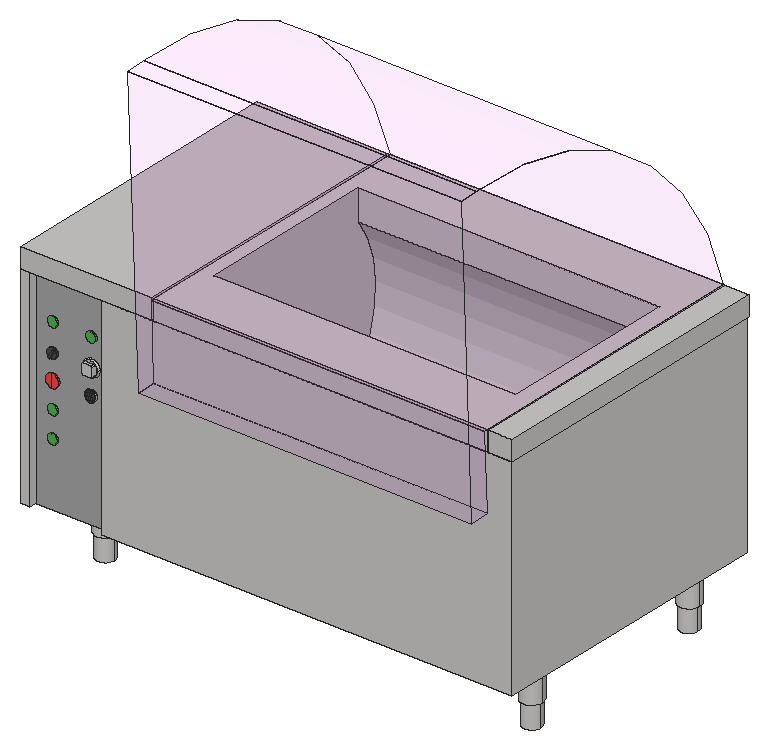
Revit family "QF_ELECTROLUXPROFESSIONAL_660030_LV301R", category Attrezzature speciali, Revit 2020
Family settings
  Quota connettore circolare = Usa diametro
  Tipo di parte = Normale
  Basato su piano di lavoro = No
  Sempre verticale = Sì
  Taglio con vuoti quando caricato = No
  Condiviso = No
  Punto di calcolo locali = No
Parameters (values of type "Standard")
  Weight = 190.00 kg
  Watts = 1200 W
  Volts = 400 V
  URL Manufacturer = "https://www.electroluxprofessional.com/"
  URL = "https://www.electroluxprofessional.com/"
  Steam Supply Size = 0 mm
  Steam Supply Minimum Pressure = 0.0 Pa
  Steam Supply Maximum Pressure = 0.0 Pa
  Steam Consumption per Hour = 0
  Show Clearance [instance] = yes
  Refrigeration Suction Line Size = 0 mm
  Refrigeration Liquid Line Size = 0 mm
  Refrigerant Compressor Remote = yes
  Prospetto di default = 0 mm
  Produttore = "Electrolux Professional"
  Phase = 3
  Modello = "LV301R"
  Length Actual = 1500 mm  # constant formula
  Item Number = "660030"
  Hot Water Size = 0 mm
  Height Actual = 850 mm  # constant formula
  HP = "1.6 HP"
  Gas Size = 0 mm
  Gas KW = 0
  Gas Input Pressure = 0 W
  Direct Waste Size = 50.8 mm
  Descrizione = "TILTING BASKET AUT.VEGET.WASHER-KG 10/40"
  Depth Actual = 900 mm  # constant formula
  Cycle = 50 Hz
  Condensate Return Size = 0 mm
  Compressed Air Volume = 0.0 L/s
  Compressed Air Size = 0 mm
  Compressed Air Pressure = 0.0 Pa
  Cold Water Size = 25.4 mm
  Accessory = yes
Reference planes
  plane 1 "Center (Front/Back)": y = 0
  plane 2: z = 0
  plane 3 "Center (Left/Right)": x = 0
  plane 4: x = 0
  plane 5: z = 200
  plane 6: y = -450
  plane 7: z = 900
  plane 8 "RIGHT": x = 750
  plane 9 "LEFT": x = -750
  plane 10 "FRONT": y = -900
  plane 11: z = 1570
  plane 12: z = 670
  plane 13: y = -1000
  plane 14: x = -455
  plane 15: y = -138
  plane 16: x = -551
  plane 17: y = -389
  plane 18: through (-670, -660, 4198) normal (-0.7071, -0.7071, 0)
  plane 19: through (-670, -640, 4198) normal (0.7071, -0.7071, 0)
Forms (mm)
  Extrusion 1, solid, material "QF_Finishes_Stainless Steel"
    sketch origin (0, 0, 0) x (1, 0, 0) y (0, 1, 0)
      loop
        line (-750, 0) -> (-750, -900) -> (-350, -900) -> (-350, 0) -> (-750, 0)
    from 840 to 900
  Extrusion 2, solid, material "QF_Finishes_Stainless Steel"
    sketch origin (1100, 0, 0) x (1, 0, 0) y (0, 1, 0)
      loop
        line (-425, 0) -> (-425, -900) -> (-350, -900) -> (-350, 0) -> (-425, 0)
    from 840 to 900
  Extrusion 3, solid, material "QF_Finishes_Stainless Steel"
    sketch origin (400, 0, 0) x (1, 0, 0) y (0, 1, 0)
      loop
        line (-1150, -7.289) -> (-1150, -900) -> (-1120, -900) -> (-1120, -865) -> (-900, -865) -> (-900, -900) -> (350, -900) -> (350, -7.289) -> (-1150, -7.289)
    from 200 to 840
  Extrusion 4, void
    sketch origin (400, 0, 0) x (1, 0, 0) y (0, 1, 0)
      loop
        line (-741.5, -20) -> (-741.5, -885) -> (278.5, -885) -> (278.5, -20) -> (-741.5, -20)
    from 215.087 to 840
  Extrusion 5, solid, material "QF_Finishes_Stainless Steel"
    sketch origin (0, 0, 0) x (0, 1, 0) y (0, 0, 1)
      loop
        line (0, 900) -> (-900, 900) -> (-900, 840) -> (-730, 840)
        arc (-730, 840) -> (-450, 249.038) -> (-170, 840) r 361.814
        line (-170, 840) -> (0, 840) -> (0, 900)
    from -341.5 to 675
  Extrusion 6, void
    sketch origin (0, 0, 0) x (0, 1, 0) y (0, 0, 1)
      loop
        line (-176, 809.169) -> (-176, 922) -> (-724, 922) -> (-724, 809.169)
        arc (-724, 809.169) -> (-450, 265.684) -> (-176, 809.169) r 340.811
    from -300 to 620
  Extrusion 7, solid, material "QF_Finishes_Door Clearance", visible <- "Show Clearance"
    sketch origin (0, -100.892, 1606.048) x (0, -0.044534, 0.999008) y (0, -0.999008, -0.044534)
      loop
        line (0, 900) -> (-900, 900) -> (-900, 840) -> (-669.303, 840) -> (-709.841, -69.348)
        arc (-709.841, -69.348) -> (-190.07, 256.643) -> (0, 840) r 900
        line (0, 840) -> (0, 900)
    from -341.5 to 675
  Extrusion 8, solid, material "QF_Finishes_Stainless Steel"
    sketch origin (-82.186, 2.692, 195) x (1, 0, 0) y (0, 1, 0)
      loop
        circle (-372.814, -140.692) r 8
    from 0 to 5
  Extrusion 9, solid, material "QF_Finishes_Stainless Steel"
    sketch origin (-178.186, -248.308, 195) x (1, 0, 0) y (0, 1, 0)
      loop
        circle (-372.814, -140.692) r 8
    from 0 to 5
  Extrusion 10, solid, material "QF_Finishes_Stainless Steel"
    sketch origin (-297.596, -507.286, 198) x (1, 0, 0) y (0, 1, 0)
      loop
        line (-392.404, -132.714) -> (-392.404, -152.714) -> (-372.404, -152.714) -> (-372.404, -132.714) -> (-392.404, -132.714)
    from 0 to 2
  Extrusion 11, solid, material "QF_Finishes_Gray"
    sketch origin (0, 21.25, 0) x (1, 0, 0) y (0, 1, 0)
      loop
        line (-718.75, -888.75) -> (-718.75, -898.75) -> (-503.419, -898.75) -> (-503.419, -888.75) -> (-718.75, -888.75)
    from 200 to 840
Cuts and joins
  Extrusion 4 cuts Extrusion 3
  Extrusion 6 cuts Extrusion 5
Dimensions and locks
  plane 7 to level = 900 mm
  plane 9 "LEFT" to plane 8 "RIGHT" = 1500 mm
  plane 1 "Center (Front/Back)" to plane 10 "FRONT" = 900 mm
  plane 11 to level = 1570 mm
  plane 12 to level = 670 mm
  cut or joined group of Extrusion 3, Extrusion 4 to cut or joined group of Extrusion 3, Extrusion 4 = 1500 mm
  Extrusion 1 to level = 900 mm
  level to plane 5 = 200 mm
  nested 1 to plane 9 "LEFT" = 99.9 mm
  nested 3 to nested 1 = 1300.2 mm
  plane 8 "RIGHT" to nested 3 = 99.9 mm
  plane 10 "FRONT" to plane 13 = 100 mm
  nested 2 to nested 1 = 600 mm
  plane 1 "Center (Front/Back)" to nested 2 = 100 mm
  nested 1 to plane 10 "FRONT" = 200 mm
  aligned and locked: level to plane 2
Nested families
  nested 1: "Piedino H200 - DISHWASHING" at (-650.1, -700, 0), type "Piedino H200 - DISHWASHING"
    with H 200 mm
  nested 2: "Piedino H200 - DISHWASHING" at (-650.1, -100, 0), type "Piedino H200 - DISHWASHING"
    with H 200 mm
  nested 3: "Piedino H200 - DISHWASHING" at (650.1, -700, 0) x (-1, 0, 0) z (0, 0, 1), type "Piedino H200 - DISHWASHING"
    with H 200 mm
  nested 4: "Piedino H200 - DISHWASHING" at (650.1, -100, 0) x (-1, 0, 0) z (0, 0, 1), type "Piedino H200 - DISHWASHING"
    with H 200 mm
  nested 5: "SPIA_GREEN - GRANDE" at (-667.5, -877.5, 715) x (-1, 0, 0) z (0, -1, 0), type "SPIA_GREEN - GRANDE"
  nested 6: "SPIA_GREEN - GRANDE" at (-550, -877.5, 715) x (-1, 0, 0) z (0, -1, 0), type "SPIA_GREEN - GRANDE"
  nested 7: "SPIA_GREEN - GRANDE" at (-667.5, -877.5, 475) x (-1, 0, 0) z (0, -1, 0), type "SPIA_GREEN - GRANDE"
  nested 8: "SPIA_GREEN - GRANDE" at (-667.5, -877.5, 395) x (-1, 0, 0) z (0, -1, 0), type "SPIA_GREEN - GRANDE"
  nested 9: "BOTTONE ROSSO LAVAVERDURE" at (-666.874, -877.5, 554.987) x (-1, 0, 0) z (0, -1, 0), type "BOTTONE ROSSO LAVAVERDURE"
  nested 10: "MANOPOLA NERA" at (-667.5, -877.5, 630) x (-0.8829, 0, 0.4695) z (0, -1, 0), type "MANOPOLA NERA"
  nested 11: "MANOPOLA NERA e ARGENTO" at (-550.506, -877.5, 554.259) x (-0.9455, 0, -0.3256) z (0, -1, 0), type "MANOPOLA NERA e ARGENTO"
  nested 12: "MANOPOLA ARGENTO" at (-550.25, -877.5, 630) x (-1, 0, 0) z (0, -1, 0), type "MANOPOLA ARGENTO"
Connectors
  piping at (-455, -138, 195), diameter 12.7
    settings: on Extrusion 8, index 15, connector inside diameter 609.6 mm, connector length 0 mm, flow factor 0, pipe flow 0.0 L/s, pressure drop 0.0 Pa, fitting loss kfactor 0, connector angle 0.00°, fixture units 0, engagement length 0 mm, angle of deflection 0.00°, flow configuration 0, flow direction 0, fitting loss method 0, system type 29, joint type 0, gender type 0, connector reference index -1, connector utility 0, adjustable connector no, is connector primary yes, connector description "CWI"
  piping at (-551, -389, 195), diameter 12.7
    settings: on Extrusion 9, index 16, connector inside diameter 609.6 mm, connector length 0 mm, flow factor 0, pipe flow 0.0 L/s, pressure drop 0.0 Pa, fitting loss kfactor 0, connector angle 0.00°, fixture units 0, engagement length 0 mm, angle of deflection 0.00°, flow configuration 0, flow direction 0, fitting loss method 0, system type 29, joint type 0, gender type 0, connector reference index -1, connector utility 0, adjustable connector no, is connector primary no, connector description "D"
  electrical at (-680, -650, 198)
    settings: on Extrusion 10, index 21, voltage 0 V, apparent load 0 VA, apparent load phase1 0 VA, apparent load phase2 0 VA, apparent load phase3 0 VA, power factor 1, load classification "Altro", number of poles 1, system type 30, power factor state 1, is connector primary yes, connector utility no, sub classification motor no, connector description "EI"
Definition of nested family "Piedino H200 - DISHWASHING"
  Parameters (values of type "Piedino H200 - DISHWASHING")
    Default Elevation = 0 mm
    H [instance] = 200 mm
  Reference planes
    plane 1 "Centro (Fronte/Retro)": y = 0
    plane 2: z = 0
    plane 3 "Centro (Sinistra/Destra)": x = 0
    plane 4: z = 70.047
  Forms (mm)
    Revolve 1, solid
      sketch origin (55, 0, 0) x (-1, 0, 0) y (0, 0, -1)
        loop
          line (55, 0) -> (27.6, 0) -> (27.6, -70.047) -> (22.6, -70.047) -> (22.6, -200) -> (55, -200) -> (55, 0)
        axis (55, 0) -> (55, -200)
      angle from 0 to 360
  Dimensions and locks
    "H": Revolve 1 to plane 2
    aligned and locked: level to plane 2
  Automatic sketch dimensions
    Revolve 1 sketch curve to plane 4 = 0 mm
    Revolve 1 sketch curve to level = 0 mm
    Revolve 1 sketch curve to plane 3 "Centro (Sinistra/Destra)" = 0 mm  (x2)
    plane 3 "Centro (Sinistra/Destra)" to Revolve 1 sketch curve = 27.4 mm
    Revolve 1 sketch curve to Revolve 1 sketch curve = 5 mm
    Revolve 1 sketch curve to plane 4 = 129.953 mm
    Revolve 1 sketch curve to Revolve 1 sketch curve = 0 mm
    Revolve 1 sketch curve to Revolve 1 sketch curve = 20 mm
Definition of nested family "SPIA_GREEN - GRANDE"
  Parameters
    Default Elevation = 1219.2 mm
  Reference planes
    plane 1 "Centro (Fronte/Retro)": y = 0
    plane 2: z = 0
    plane 3 "Centro (Sinistra/Destra)": x = 0
  Forms (mm)
    Extrusion 1, solid
      sketch origin (0, 0, 0) x (1, 0, 0) y (0, 1, 0)
        loop
          line (-1219.2, 1219.2) -> (-1219.2, -1219.2) -> (1219.2, -1219.2) -> (1219.2, 1219.2) -> (-1219.2, 1219.2)
      from 0 to -304.8
    Extrusion 2, solid
      sketch origin (-367.513, 69.533, 3.175) x (-1, 0, 0) y (0, 1, 0)
        loop
          circle (-367.513, -69.533) r 15
      from 0 to 3.175
  Dimensions and locks
    aligned and locked: plane 2 to Extrusion 1
    aligned and locked: level to Extrusion 1
Definition of nested family "BOTTONE ROSSO LAVAVERDURE"
  Parameters (values of type "BOTTONE ROSSO LAVAVERDURE")
    Default Elevation = 1219.2 mm
  Reference planes
    plane 1 "Centro (Fronte/Retro)": y = 0
    plane 2: z = 0
    plane 3 "Centro (Sinistra/Destra)": x = 0
  Forms (mm)
    Extrusion 1, solid
      sketch origin (0, 0, 0) x (1, 0, 0) y (0, 1, 0)
        loop
          line (-1219.2, 1219.2) -> (-1219.2, -1219.2) -> (1219.2, -1219.2) -> (1219.2, 1219.2) -> (-1219.2, 1219.2)
      from 0 to -304.8
    Revolve 2, solid
      sketch origin (0, 0, 0) x (0, 1, 0) y (0, 0, 1)
        loop
          line (0, 5.035) -> (0, 0) -> (13.434, 0) -> (13.434, 2) -> (20, 2) -> (20, 5.035) -> (0, 5.035)
        axis (0, 0) -> (0, 5.035)
      angle from 0 to 360
  Dimensions and locks
    aligned and locked: plane 2 to Extrusion 1
    aligned and locked: level to Extrusion 1
Definition of nested family "MANOPOLA NERA"
  Parameters (values of type "MANOPOLA NERA")
    Default Elevation = 1219.2 mm
  Reference planes
    plane 1 "Centro (Fronte/Retro)": y = 0
    plane 2: z = 0
    plane 3 "Centro (Sinistra/Destra)": x = 0
  Forms (mm)
    Extrusion 1, solid
      sketch origin (0, 0, 0) x (1, 0, 0) y (0, 1, 0)
        loop
          line (-1219.2, 1219.2) -> (-1219.2, -1219.2) -> (1219.2, -1219.2) -> (1219.2, 1219.2) -> (-1219.2, 1219.2)
      from 0 to -304.8
    Extrusion 2, solid
      sketch origin (0, 0, 0) x (1, 0, 0) y (0, 1, 0)
        loop
          circle (0, 0) r 15
      from 0 to 5.035
    Extrusion 3, solid
      sketch origin (0, 0, 0) x (1, 0, 0) y (0, 1, 0)
        loop
          arc (-2.5, -14.79) -> (0, -15) -> (2.5, -14.79) r 15
          line (2.5, -14.79) -> (2.5, 14.79)
          arc (2.5, 14.79) -> (0, 15) -> (-2.5, 14.79) r 15
          line (-2.5, 14.79) -> (-2.5, -14.79)
      from 5.035 to 9.025
  Dimensions and locks
    aligned and locked: plane 2 to Extrusion 1
    aligned and locked: level to Extrusion 1
Definition of nested family "MANOPOLA NERA e ARGENTO"
  Parameters (values of type "MANOPOLA NERA e ARGENTO")
    Default Elevation = 1219.2 mm
  Reference planes
    plane 1 "Centro (Fronte/Retro)": y = 0
    plane 2: z = 0
    plane 3 "Centro (Sinistra/Destra)": x = 0
  Forms (mm)
    Extrusion 1, solid
      sketch origin (0, 0, 0) x (1, 0, 0) y (0, 1, 0)
        loop
          line (-1219.2, 1219.2) -> (-1219.2, -1219.2) -> (1219.2, -1219.2) -> (1219.2, 1219.2) -> (-1219.2, 1219.2)
      from 0 to -304.8
    Extrusion 2, solid
      sketch origin (0, 0, 0) x (1, 0, 0) y (0, 1, 0)
        loop
          circle (0, 0) r 15
      from 0 to 5.035
    Extrusion 3, solid
      sketch origin (0, 0, 0) x (1, 0, 0) y (0, 1, 0)
        loop
          arc (-2.5, -14.79) -> (0, -15) -> (2.5, -14.79) r 15
          line (2.5, -14.79) -> (2.5, 14.79)
          arc (2.5, 14.79) -> (0, 15) -> (-2.5, 14.79) r 15
          line (-2.5, 14.79) -> (-2.5, -14.79)
      from 5.035 to 9.025
    Extrusion 4, solid
      sketch origin (0, 0, 0) x (1, 0, 0) y (0, 1, 0)
        loop
          circle (0, 0) r 17
        loop
          circle (0, 0) r 15.5
      from 0 to 5.035
  Dimensions and locks
    aligned and locked: plane 2 to Extrusion 1
    aligned and locked: level to Extrusion 1
Definition of nested family "MANOPOLA ARGENTO"
  Parameters (values of type "MANOPOLA ARGENTO")
    Default Elevation = 1219.2 mm
  Reference planes
    plane 1 "Centro (Fronte/Retro)": y = 0
    plane 2: z = 0
    plane 3 "Centro (Sinistra/Destra)": x = 0
  Forms (mm)
    Extrusion 1, solid
      sketch origin (0, 0, 0) x (1, 0, 0) y (0, 1, 0)
        loop
          line (-1219.2, 1219.2) -> (-1219.2, -1219.2) -> (1219.2, -1219.2) -> (1219.2, 1219.2) -> (-1219.2, 1219.2)
      from 0 to -304.8
    SweptBlend 2, solid
      path origin (0, 0, 0) x (0, 1, 0) y (0, 0, 1)
        loop
          line (0, 0) -> (0, 6.013)
      profile origin (0, 0, 0) x (0, -1, 0) y (1, 0, 0)
        loop
          circle (0, 0) r 25
      end profile origin (0, 0, 6.013) x (0, -1, 0) y (1, 0, 0)
        loop
          circle (0, 0) r 23
    Extrusion 3, solid
      sketch origin (0, 0, 0) x (1, 0, 0) y (0, 1, 0)
        loop
          line (-13.08, 15.833) -> (-15.833, 13.08) -> (-15.833, -12.341) -> (-12.341, -15.833) -> (12.341, -15.833) -> (15.833, -12.341) -> (15.833, 12.341) -> (12.341, 15.833) -> (-13.08, 15.833)
      from 6.013 to 18
  Dimensions and locks
    aligned and locked: plane 2 to Extrusion 1
    aligned and locked: level to Extrusion 1
